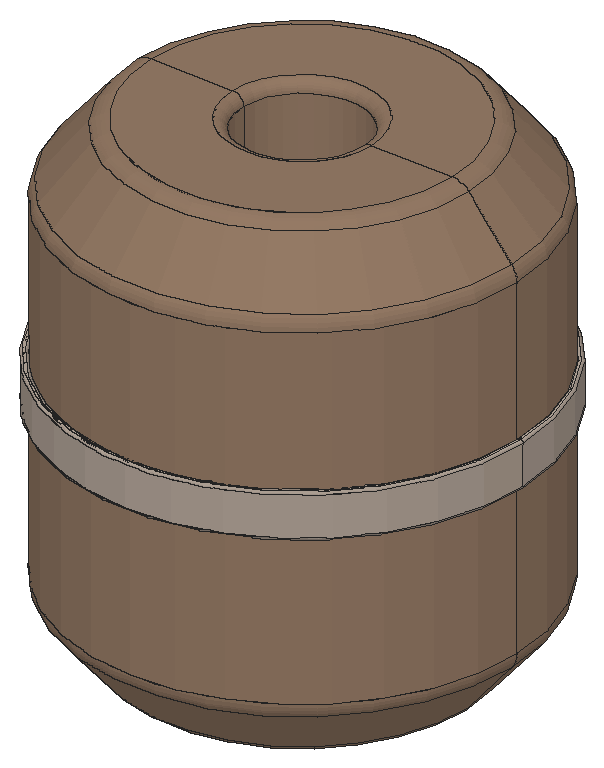
Revit family "Bazooka", category Furniture, Revit 2015
Parameters
  Weight = 6.40 kg  # constant formula
  URL = "http://www.loookindustries.com/en/component/djcatalog2/item/1-default/16-area"
  Top Upholstery [instance] = Fabric - Kvadrat - Remix 2 - 0543
  Seat Height = 450 mm  # constant formula
  Model = "Bazooka"  # constant formula
  Manufacturer = "Loook Industries Ltd."  # constant formula
  Keynote = "5111"
  Height = 450 mm  # constant formula
  Diameter = 400 mm  # constant formula
  Design by = "IVAR GESTRANIUS & KEVIN LAHTINEN"  # constant formula
  Bottom Upholstery = Fabric - Kvadrat - Remix 2 - 0543
  BIM Author = "Mika Leinonen - mikaleinonen@outlook.com"  # constant formula
Reference planes
  plane 1 "Center (Front/Back)": y = 0
  plane 2 "Bottom": z = 0
  plane 3 "Center (Left/Right)": x = 0
  plane 4 "Front": y = -200
  plane 5 "Left": x = -200
  plane 6 "Back": y = 200
  plane 7 "Right": x = 200
  plane 8 "Top": z = 450
  plane 9 "Center (Elevation)": z = 225
  plane 10: z = 400
  plane 11: z = 100
  plane 12: z = 65
  plane 13: z = 450
Dimensions and locks
  equal spacing: plane 5 "Left", plane 3 "Center (Left/Right)", plane 7 "Right"
  equal spacing: plane 6 "Back", plane 1 "Center (Front/Back)", plane 4 "Front"
  "Diameter": plane 5 "Left" to plane 7 "Right"
  "Diameter": plane 6 "Back" to plane 4 "Front"
  equal spacing: plane 8 "Top", plane 9 "Center (Elevation)", plane 2 "Bottom"
  "Height": plane 8 "Top" to plane 2 "Bottom"
  locked: plane 8 "Top" to plane 10 at 50
  locked: plane 11 to plane 2 "Bottom" at 100
  locked: plane 12 to level at 65
  "Seat Height": plane 13 to plane 2 "Bottom"
  aligned and locked: level to plane 2 "Bottom"
  aligned and locked: plane 4 "Front" to nested 1
  aligned and locked: plane 3 "Center (Left/Right)" to nested 1
Nested families
  nested 1: "Bazooka Seat" at (0, 0, 0), Top Upholstery <- "Top Upholstery", Bottom Upholstery <- "Bottom Upholstery", type "Bazooka Seat"
    with Top Upholstery Fabric - Kvadrat - Remix 2 - 0543, Bottom Upholstery Fabric - Kvadrat - Remix 2 - 0543
Definition of nested family "Bazooka Seat"
  Parameters (values of type "Bazooka Seat")
    Weight = 6.40 kg  # constant formula
    Top Upholstery [instance] = none
    Manufacturer = "Loook Industries Ltd."
    Height = 450 mm  # constant formula
    Diameter = 400 mm  # constant formula
    Design by = "IVAR GESTRANIUS & KEVIN LAHTINEN"  # constant formula
    Bottom Upholstery [instance] = none
    BIM Author = "Mika Leinonen - mikaleinonen@outlook.com"  # constant formula
  Reference planes
    plane 1 "Center (Front/Back)": y = 0
    plane 2 "Bottom": z = 0
    plane 3 "Center (Left/Right)": x = 0
    plane 4 "Front": y = -200
    plane 5 "Left": x = -200
    plane 6 "Back": y = 200
    plane 7 "Right": x = 200
    plane 8 "Top": z = 450
    plane 9 "Center (Elevation)": z = 225
    plane 10: z = 5
  Forms (mm)
    Revolve 1, solid, material <- "Bottom Upholstery"
      sketch origin (0, 0, 0) x (1, 0, 0) y (0, 0, 1)
        loop
          arc (-55, 217.5) -> (-56.464, 221.036) -> (-60, 222.5) r 5
          line (-60, 222.5) -> (-200, 222.5) -> (-200, 72.279)
          arc (-200, 72.279) -> (-198.794, 65.439) -> (-195.321, 59.424) r 20
          line (-195.321, 59.424) -> (-155.649, 12.144)
          arc (-155.649, 12.144) -> (-148.78, 6.874) -> (-140.328, 5) r 20
          line (-140.328, 5) -> (-57, 5)
          arc (-57, 5) -> (-55.586, 5.586) -> (-55, 7) r 2
          line (-55, 7) -> (-55, 217.5)
        axis (0, 5) -> (0, 222.5)
      angle from 0 to 360
    Revolve 2, solid, material <- "Top Upholstery"
      sketch origin (0, 0, 450) x (1, 0, 0) y (0, 0, -1)
        loop
          line (-55, 217.5) -> (-200, 217.5) -> (-200, 67.281)
          arc (-200, 67.281) -> (-198.794, 60.44) -> (-195.321, 54.425) r 20
          line (-195.321, 54.425) -> (-155.648, 7.144)
          arc (-155.648, 7.144) -> (-148.779, 1.874) -> (-140.327, 0) r 20
          line (-140.327, 0) -> (-65, 0)
          arc (-65, 0) -> (-57.929, 2.929) -> (-55, 10) r 10
          line (-55, 10) -> (-55, 217.5)
        axis (0, 0) -> (0, 217.5)
      angle from 0 to 360
    Revolve 3, solid
      sketch origin (0, 0, 450) x (1, 0, 0) y (0, 0, -1)
        loop
          arc (-200, 235.49) -> (-200.586, 236.904) -> (-202, 237.49) r 2
          line (-202, 237.49) -> (-203.994, 237.49)
          arc (-203.994, 237.49) -> (-205.408, 236.904) -> (-205.994, 235.49) r 2
          line (-205.994, 235.49) -> (-205.994, 199.49)
          arc (-205.994, 199.49) -> (-205.408, 198.076) -> (-203.994, 197.49) r 2
          line (-203.994, 197.49) -> (-202, 197.49)
          arc (-202, 197.49) -> (-200.586, 198.076) -> (-200, 199.49) r 2
          line (-200, 199.49) -> (-200, 235.49)
        axis (0, 197.49) -> (0, 237.49)
      angle from 0 to 360
    Extrusion 4, solid
      sketch origin (0, 0, 0) x (0, 1, 0) y (0, 0, 1)
        loop
          arc (12.5, 232.5) -> (0, 242.5) -> (-12.5, 232.5) r 12.813
          line (-12.5, 232.5) -> (-12.5, 222.5)
          arc (-12.5, 222.5) -> (0, 212.5) -> (12.5, 222.5) r 12.813
          line (12.5, 222.5) -> (12.5, 232.5)
      from -55 to 55
  Lines and regions (mm)
    Masking region 1
      outline origin (0, 0, 450) x (-1, 0, 0) y (0, -1, 0)
        loop
          circle (0, 0) r 206
        loop
          arc (53.561, 12.5) -> (0, 55) -> (-53.561, 12.5) r 55
          line (-53.561, 12.5) -> (53.561, 12.5)
        loop
          arc (-53.561, -12.5) -> (0, -55) -> (53.561, -12.5) r 55
          line (53.561, -12.5) -> (-53.561, -12.5)
    symbolic lines
      curve 1: arc (200, 0, 450) -> (0, 200, 450) -> (-200, 0, 450) r 200
      curve 2: arc (-200, 0, 450) -> (0, -200, 450) -> (200, 0, 450) r 200
      curve 3: arc (200, 0, 450) -> (0, 200, 450) -> (-200, 0, 450) r 200
      curve 4: arc (-200, 0, 450) -> (0, -200, 450) -> (200, 0, 450) r 200
      curve 5: arc (206, 0, 450) -> (0, 206, 450) -> (-206, 0, 450) r 206
      curve 6: arc (-206, 0, 450) -> (0, -206, 450) -> (206, 0, 450) r 206
      curve 7: arc (206, 0, 450) -> (0, 206, 450) -> (-206, 0, 450) r 206
      curve 8: arc (-206, 0, 450) -> (0, -206, 450) -> (206, 0, 450) r 206
      curve 9: arc (-55, 0, 450) -> (0, 55, 450) -> (55, 0, 450) r 55
      curve 10: arc (55, 0, 450) -> (0, -55, 450) -> (-55, 0, 450) r 55
      curve 11: arc (-55, 0, 450) -> (0, 55, 450) -> (55, 0, 450) r 55
      curve 12: arc (55, 0, 450) -> (0, -55, 450) -> (-55, 0, 450) r 55
      curve 13: line (53.561, 12.5, 450) -> (-53.561, 12.5, 450)
      curve 14: line (-53.561, -12.5, 450) -> (53.561, -12.5, 450)
      curve 15: line (53.561, 12.5, 450) -> (-53.561, 12.5, 450)
      curve 16: line (-53.561, -12.5, 450) -> (53.561, -12.5, 450)
  Dimensions and locks
    equal spacing: plane 5 "Left", plane 3 "Center (Left/Right)", plane 7 "Right"
    equal spacing: plane 6 "Back", plane 1 "Center (Front/Back)", plane 4 "Front"
    "Diameter": plane 5 "Left" to plane 7 "Right"
    "Diameter": plane 6 "Back" to plane 4 "Front"
    equal spacing: plane 8 "Top", plane 9 "Center (Elevation)", plane 2 "Bottom"
    "Height": plane 8 "Top" to plane 2 "Bottom"
    locked: plane 10 to plane 2 "Bottom" at 5
    aligned and locked: level to plane 2 "Bottom"
  Automatic sketch dimensions
    plane 5 "Left" to Revolve 1 sketch curve = 0 mm
    Revolve 1 sketch curve to plane 10 = 0 mm
    Revolve 1 sketch curve to level = 0 mm
    Revolve 1 sketch curve to plane 3 "Center (Left/Right)" = 0 mm
    Revolve 1 sketch curve to plane 5 "Left" = 4.679 mm
    Revolve 1 sketch curve to plane 5 "Left" = 20 mm
    Revolve 1 sketch curve to plane 10 = 7.144 mm
    Revolve 1 sketch curve to plane 5 "Left" = 44.351 mm
    Revolve 1 sketch curve to plane 10 = 20 mm
    Revolve 1 sketch curve to plane 9 "Center (Elevation)" = 2.5 mm
    Revolve 1 sketch curve to plane 3 "Center (Left/Right)" = 60 mm
    Revolve 1 sketch curve to plane 3 "Center (Left/Right)" = 57 mm
    Revolve 1 sketch curve to plane 10 = 2 mm
    Revolve 1 sketch curve to plane 10 = 54.424 mm
    plane 9 "Center (Elevation)" to Revolve 1 sketch curve = 7.5 mm
    plane 5 "Left" to Revolve 2 sketch curve = 0 mm
    Revolve 2 sketch curve to plane 3 "Center (Left/Right)" = 0 mm
    Revolve 2 sketch curve to plane 8 "Top" = 0 mm
    plane 5 "Left" to Revolve 2 sketch curve = 4.679 mm
    plane 5 "Left" to Revolve 2 sketch curve = 20 mm
    plane 8 "Top" to Revolve 2 sketch curve = 7.144 mm
    plane 5 "Left" to Revolve 2 sketch curve = 44.352 mm
    Revolve 2 sketch curve to Revolve 2 sketch curve = 15.321 mm
    Revolve 2 sketch curve to plane 9 "Center (Elevation)" = 7.5 mm
    plane 3 "Center (Left/Right)" to Revolve 2 sketch curve = 55 mm
    plane 8 "Top" to Revolve 2 sketch curve = 0 mm
    Revolve 2 sketch curve to Revolve 2 sketch curve = 10 mm
    plane 8 "Top" to Revolve 2 sketch curve = 54.425 mm
    plane 9 "Center (Elevation)" to Revolve 2 sketch curve = 7.5 mm
    plane 5 "Left" to Revolve 3 sketch curve = 0 mm
    Revolve 3 sketch curve to plane 3 "Center (Left/Right)" = 0 mm
    Revolve 3 sketch curve to plane 8 "Top" = 0 mm
    Revolve 3 sketch curve to Revolve 3 sketch curve = 2 mm  (x2)
    Revolve 3 sketch curve to Revolve 3 sketch curve = 1.994 mm  (x2)
    Revolve 3 sketch curve to plane 9 "Center (Elevation)" = 27.51 mm
    plane 9 "Center (Elevation)" to Revolve 3 sketch curve = 10.49 mm
    Revolve 3 sketch curve to Revolve 3 sketch curve = 0 mm
    plane 9 "Center (Elevation)" to Revolve 3 sketch curve = 7.5 mm
    Extrusion 4 sketch curve to plane 9 "Center (Elevation)" = 2.5 mm
    plane 1 "Center (Front/Back)" to Extrusion 4 sketch curve = 12.5 mm
    plane 9 "Center (Elevation)" to Extrusion 4 sketch curve = 0.312 mm
    plane 1 "Center (Front/Back)" to Extrusion 4 sketch curve = 0 mm
    Extrusion 4 sketch curve to Extrusion 4 sketch curve = 0 mm
    Extrusion 4 sketch curve to plane 1 "Center (Front/Back)" = 12.5 mm
    Extrusion 4 sketch curve to Extrusion 4 sketch curve = 4.375 mm
    plane 9 "Center (Elevation)" to Extrusion 4 sketch curve = 7.5 mm
    Masking region 1 sketch curve to Masking region 1 sketch curve = 0 mm  (x5)
    plane 1 "Center (Front/Back)" to Masking region 1 sketch curve = 0 mm
    Masking region 1 sketch curve to plane 3 "Center (Left/Right)" = 0 mm
    plane 1 "Center (Front/Back)" to Masking region 1 sketch curve = 12.5 mm
    Masking region 1 sketch curve to Masking region 1 sketch curve = 25 mm
    plane 3 "Center (Left/Right)" to Masking region 1 sketch curve = 53.561 mm
    curve 1 to curve 3 = 0 mm  (x2)
    curve 1 to curve 6 = 0 mm
    curve 2 to curve 12 = 0 mm
    curve 5 to curve 7 = 0 mm  (x2)
    curve 5 to curve 9 = 0 mm
    curve 5 to curve 12 = 0 mm
    curve 10 to curve 12 = 0 mm  (x2)
    plane 1 "Center (Front/Back)" to curve 5 = 0 mm
    curve 2 to plane 7 "Right" = 0 mm
    curve 3 to plane 7 "Right" = 0 mm
    curve 6 to plane 3 "Center (Left/Right)" = 0 mm
    plane 7 "Right" to curve 8 = 6 mm
    curve 6 to curve 8 = 0 mm
    curve 9 to curve 5 = 55 mm
    curve 12 to curve 10 = 0 mm
    plane 1 "Center (Front/Back)" to curve 14 = 12.5 mm
    curve 15 to plane 1 "Center (Front/Back)" = 12.5 mm
    curve 13 to curve 15 = 0 mm
    curve 16 to curve 14 = 0 mm
    radius of Masking region 1 sketch curve = 206 mm
  Nested families
    nested 1: "Bazooka Leg" at (100, 0, 0), Material <- "Bottom Upholstery", type "Bazooka Leg"
      with Material none
    nested 2: "Bazooka Leg" at (-100, 0, 0) x (-1, 0, 0) z (0, 0, 1), Material <- "Bottom Upholstery", type "Bazooka Leg"
      with Material none
    nested 3: "Bazooka Leg" at (0, 100, 0) x (0, 1, 0) z (0, 0, 1), Material <- "Bottom Upholstery", type "Bazooka Leg"
      with Material none
    nested 4: "Bazooka Leg" at (0, -100, 0) x (0, -1, 0) z (0, 0, 1), Material <- "Bottom Upholstery", type "Bazooka Leg"
      with Material none
  Definition of nested family "Bazooka Leg"
    Parameters (values of type "Bazooka Leg")
      Width = 35 mm
      Weight = 0.00 kg
      Material [instance] = none
      Manufacturer = "Loook Industries Ltd."
      Height = 5 mm
      Design by = ""
      Depth = 35 mm
      BIM Author = "Mika Leinonen - mikaleinonen@outlook.com"  # constant formula
    Reference planes
      plane 1 "Center (Front/Back)": y = 0
      plane 2 "Bottom": z = 0
      plane 3 "Center (Left/Right)": x = 0
      plane 4 "Front": y = -17.5
      plane 5 "Left": x = 17.5
      plane 6 "Back": y = 17.5
      plane 7 "Right": x = -17.5
      plane 8 "Top": z = 5
      plane 9 "Center (Elevation)": z = 2.5
    Forms (mm)
      Revolve 1, solid, material <- "Material"
        sketch origin (0, 0, 0) x (1, 0, 0) y (0, 0, 1)
          loop
            line (-12.5, 0) -> (0, 0) -> (0, 5) -> (-17.5, 5) -> (-12.5, 0)
          axis (0, 5) -> (0, 0)
        angle from 0 to 360
    Dimensions and locks
      equal spacing: plane 7 "Right", plane 3 "Center (Left/Right)", plane 5 "Left"
      equal spacing: plane 6 "Back", plane 1 "Center (Front/Back)", plane 4 "Front"
      "Width": plane 7 "Right" to plane 5 "Left"
      "Depth": plane 6 "Back" to plane 4 "Front"
      equal spacing: plane 8 "Top", plane 9 "Center (Elevation)", plane 2 "Bottom"
      "Height": plane 8 "Top" to plane 2 "Bottom"
      aligned and locked: level to plane 2 "Bottom"
    Automatic sketch dimensions
      Revolve 1 sketch curve to plane 8 "Top" = 0 mm
      Revolve 1 sketch curve to level = 0 mm  (x2)
      Revolve 1 sketch curve to plane 3 "Center (Left/Right)" = 0 mm  (x2)
      Revolve 1 sketch curve to Revolve 1 sketch curve = 12.5 mm
      Revolve 1 sketch curve to Revolve 1 sketch curve = 5 mm
      plane 8 "Top" to Revolve 1 sketch curve = 40 mm
